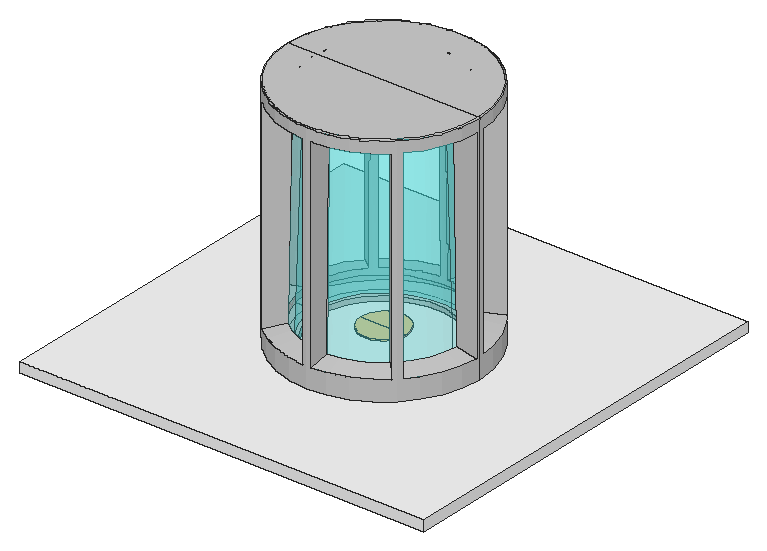
Revit family "BE_84683_de_DE", category Leuchten, Revit 2020
Family settings
  Basisbauteil = Fläche
  Bemaßung runder Anschluss = Durchmesser verwenden
  Teiletyp = Normal
  Beim Laden mit Abzugskörper schneiden = Ja
  Lichtquelle = Ja
  Gemeinsam genutzt = Nein
  Raumberechnungspunkt = Ja
Parameters (values of type "BEGA_84683_Silber_K4")
  built-in parameter 1150104 = 10.208 (stored number, unit not read)
  Wattage = 24.3 W
  Default Elevation = 0 mm
  built-in parameter 1150113 = 1 (stored number, unit not read)
  built-in parameter 1114218 = 1 (stored number, unit not read)
  Umgebungstemperatur = "25 °C"
  URL = "https://www.bega.com/de/produkt/84683"
  Typenkommentare = "© 2022 BEGA. Wir behalten uns das Recht vor, technische Änderungen ohne vorherige Ankündigung vorzunehmen."  # constant formula
  Type Image = 84683.png
  built-in parameter 1150134 = 12
  built-in parameter 1150109 = 1 (stored number, unit not read)
  Strom = ""
  built-in parameter 1150110 = 1 (stored number, unit not read)
  Spannung = 239.996 V
  Sonderanfertigung = no
  Seriennummer [instance] = "Hier können Sie die eindeutige Seriennummer für das Facility Management eintragen."
  Schutzklasse = "I"
  Schutzart = "IP 65"
  Scheinlast = 0 VA
  Produktdatenblatt = "https://cdn.bega.com/bega/products/84683AK4/current/documents/data-sheets/de"
  Oberflächentemperatur = ""
  Notlicht_Leistung = "3 W"
  Neigungswinkel = 0.00°
  Modell = "84683AK4"
  Material_18 = BEGA_Gummi_schwarz
  Material_17 = BEGA_Reflektor
  Material_15 = BEGA_Leuchtmedium_matt
  Material_11 = BEGA_Glas_opal
  Material_09 = BEGA_Glas_klar
  Material_06 = BEGA_Oberfläche_Edelstahl_gebürstet
  Material_03 = BEGA_Oberfläche_Weiss_matt
  Material_02 = BEGA_Oberfläche_Silber_matt
  Material_01 [instance] = BEGA_Oberfläche_Grafit_matt
  M_W = no
  M_G = no
  M_A = yes
  Logo = 0
  built-in parameter 1114217 = 1 (stored number, unit not read)
  built-in parameter 1150139 = (empty or 0)
  built-in parameter 1150105 = 212.48 (stored number, unit not read)
  built-in parameter 1150114 = 1 (stored number, unit not read)
  Lumens = 2670.08 lm
  built-in parameter 1150115 = 1 (stored number, unit not read)
  Leuchtenlichtstrom = "1526 lm"
  Leuchtenanzahl = ""
  Lebensdauerkriterien = "L70B50 @ 25 °C = 129000 h"
  Lastklassifizierung = Beleuchtung
  built-in parameter 1150112 = 1 (stored number, unit not read)
  Lampenlichtstrom = "2835 lm"
  Lampe = "LED 19 W"
  LED_Modulbezeichnung = "LED-0382/840"
  built-in parameter 1150142 = (empty or 0)
  Hersteller = "BEGA"  # constant formula
  Halbstreuwinkel = ""
  Gewicht = "4.7 kg"
  Gebrauchslageneinschränkung [instance] = ""
  Frequenz = "0/50-60 Hz"
  Farbwiedergabeindex = "CRI > 80"
  Farbtemperaturverschiebung bei Dämpfen der Lampe = <Keine Auswahl>
  Farbtemperatur = "4000 K"
  Color Filter = 16777215
  built-in parameter 1150133 = 10 (stored number, unit not read)
  Energieeffizienzklasse = "LED A++ - A"
  built-in parameter 1150137 = (empty or 0)
  built-in parameter 1150132 = (empty or 0)
  ENEC = "ja"
  Dimmbar [instance] = "DALI"
  Datei für fotometrisches Netz = "BE_84683K4.IES"
  CE_Konformität = "ja"
  Bestellnummer = "84683AK4"
  Beschreibung_Sonderanfertigung = "Hier können Sie Informationen zur Sonderanfertigung eintragen."
  Beschreibung = "Pollerleuchtenkopf"
  built-in parameter 1150106 = 2.1248 (stored number, unit not read)
  Befestigungsbohrung = ""
  Befestigungsabstand = ""
  Ballwurfsicher = ""
  BEGA_Intern_aus = yes
  BEGA_Intern_an = yes
  BEGA_Intern_Konstruktion = yes
  BEGA_Intern = yes
  BEGA_IES = yes
  BEGA_Dummy = no
  Anschlussleitung = "1.4 m X05BQ-F 5 G 1 mm²"
  Anschlussleistung [instance] = "19.5 W"
  Anschlusskasten = ""
  built-in parameter 1150107 = 4000 (stored number, unit not read)
  built-in parameter 1150102 = (empty or 0)
  built-in parameter 1150138 = (empty or 0)
  Aktualisierung = "2022-05-19T04:00:07"
  Abstand_zur_angestrahlten_Fläche [instance] = ""
  AC/DC = "AC/DC"
Types (4, lengths in mm): name | built-in parameter 1150104 | built-in parameter 1150134 | Modell | M_G | M_A | built-in parameter 1150105 | Lumens | Leuchtenlichtstrom | Lampenlichtstrom | LED_Modulbezeichnung | Farbtemperatur | Datei für fotometrisches Netz | Bestellnummer | built-in parameter 1150106 | built-in parameter 1150107
  BEGA_84683_Silber_K3 | 9.6536 (stored number, unit not read) | (empty or 0) | "84683AK3" | no | yes | 200.93 (stored number, unit not read) | 2525.01 lm | "1508 lm" | "2795 lm" | "LED-0382/830" | "3000 K" | "BE_84683K3.IES" | "84683AK3" | 2.0093 (stored number, unit not read) | 3000 (stored number, unit not read)
  BEGA_84683_Grafit_K3 | 9.6536 (stored number, unit not read) | (empty or 0) | "84683K3" | yes | no | 200.93 (stored number, unit not read) | 2525.01 lm | "1508 lm" | "2795 lm" | "LED-0382/830" | "3000 K" | "BE_84683K3.IES" | "84683K3" | 2.0093 (stored number, unit not read) | 3000 (stored number, unit not read)
  BEGA_84683_Silber_K4 | 10.208 (stored number, unit not read) | 12 | "84683AK4" | no | yes | 212.48 (stored number, unit not read) | 2670.08 lm | "1526 lm" | "2835 lm" | "LED-0382/840" | "4000 K" | "BE_84683K4.IES" | "84683AK4" | 2.1248 (stored number, unit not read) | 4000 (stored number, unit not read)
  BEGA_84683_Grafit_K4 | 10.208 (stored number, unit not read) | 12 | "84683K4" | yes | no | 212.48 (stored number, unit not read) | 2670.08 lm | "1526 lm" | "2835 lm" | "LED-0382/840" | "4000 K" | "BE_84683K4.IES" | "84683K4" | 2.1248 (stored number, unit not read) | 4000 (stored number, unit not read)
Reference planes
  plane 1 "Mitte (Vorne/Hinten)": y = 0
  plane 2: z = 0
  plane 3 "Mitte (Links/Rechts)": x = 0
  plane 4 "Links": x = -95
  plane 5 "Rechts": x = 95
  plane 6 "Unten": y = -95
  plane 7 "Oben": y = 95
  plane 8 "Vorne": z = 232
  plane 9 "Hinten": z = -135.769
Forms (mm)
  Extrusion 1, solid, material "BEGA_Platte_Weiss"
    sketch origin (0, -1119.2, 0) x (1, 0, 0) y (0, 1, 0)
      loop
        line (-200, 1319.2) -> (-200, 919.2) -> (200, 919.2) -> (200, 1319.2) -> (-200, 1319.2)
    from 0 to -10
  Extrusion 2, solid, material "BEGA_Dummy_matt", visible <- "BEGA_Dummy"
    sketch origin (77.149, -76.023, 0) x (1, 0, 0) y (0, 1, 0)
      loop
        circle (-77.149, 76.023) r 95
    from 0 to 232
Dimensions and locks
  plane 1 "Mitte (Vorne/Hinten)" to Extrusion 1 = 200 mm
  aligned and locked: plane 2 to Extrusion 1
  aligned and locked: level to Extrusion 1
Nested families
  nested 1: "BE_84683" at (0, 0, 0), type "BE_84683"
Connectors
  electrical at (0, 0, 0), driven by "Lastklassifizierung", driven by "Spannung", driven by "Scheinlast"
    settings: index 1, voltage 239.996 V, apparent load 0 VA, apparent load phase1 0 VA, apparent load phase2 0 VA, apparent load phase3 0 VA, power factor 1, load classification "Beleuchtung", number of poles 1, system type 31, power factor state 1, is connector primary yes, connector utility no, sub classification motor no, connector description ""
Definition of nested family "BE_84683"
  Parameters (values of type "BE_84683")
    Default Elevation = 1 mm
    URL = "http://www.bega.de/de/produkt"
    Type Comments = "© 2015 BEGA. Wir behalten uns das Recht vor, technische Änderungen ohne vorherige Ankündigung vorzunehmen. "  # constant formula
    Type Image = (empty or 0)
    Material_18 = none
    Material_17 = none
    Material_15 = none
    Material_11 = none
    Material_09 = none
    Material_06 = none
    Material_03 = none
    Material_02 = none
    Material_01 = none
    M_W = yes
    M_G = yes
    M_A = yes
    Länge_Platte = 200 mm  # constant formula
    Höhe_Platte = -10 mm  # constant formula
    Manufacturer = "BEGA"  # constant formula
    Breite_Platte = 200 mm  # constant formula
  Reference planes
    plane 1 "Mitte (Oben/Unten)": y = 0
    plane 2: z = 0
    plane 3 "Mitte (Links/Rechts)": x = 0
    plane 4: x = -95
    plane 5: z = 232
    plane 6: x = 95
    plane 7: z = -135.769
    plane 8: y = -95
    plane 9: y = 95
  Forms (mm)
    Extrusion 1, solid, detail levels medium
      sketch origin (0, 0, 0) x (1, 0, 0) y (0, 1, 0)
        loop
          line (-100, 100) -> (-100, -100) -> (100, -100) -> (100, 100) -> (-100, 100)
      from 0 to -10 <- "Höhe_Platte"
    Revolve 2, solid, material <- "Material_01", visible <- "M_G", detail levels medium+fine
      sketch origin (0, 0, 0) x (1, 0, 0) y (0, 0, 1)
        loop
          line (-92.2, 0) -> (-91.589, 17.5) -> (-75.024, 17.5) -> (-71.365, 226.627)
          arc (-71.365, 226.627) -> (-70.637, 227.621) -> (-69.466, 228) r 2
          line (-69.466, 228) -> (0, 228) -> (0, 232) -> (-94, 232)
          arc (-94, 232) -> (-94.707, 231.707) -> (-95, 231) r 1
          line (-95, 231) -> (-95, 0) -> (-92.2, 0)
        axis (0, 232) -> (0, 0)
      angle from 0 to 360
    Revolve 3, void
      sketch origin (0, 0, 0) x (1, 0, 0) y (0, 0, 1)
        loop
          line (62.654, 214.296) -> (62.654, 25.704) -> (98.435, 19.394) -> (98.435, 220.606) -> (62.654, 214.296)
        axis (0, 220.606) -> (0, 19.394)
      angle from 2.5 to 42.5
    Revolve 4, void
      sketch origin (0, 0, 0) x (0.707107, -0.707107, 0) y (0, 0, 1)
        loop
          line (62.654, 214.296) -> (62.654, 25.704) -> (98.435, 19.394) -> (98.435, 220.606) -> (62.654, 214.296)
        axis (0, 220.606) -> (0, 19.394)
      angle from 2.5 to 42.5
    Revolve 5, void
      sketch origin (0, 0, 0) x (0.707107, 0.707107, 0) y (0, 0, 1)
        loop
          line (62.654, 214.296) -> (62.654, 25.704) -> (98.435, 19.394) -> (98.435, 220.606) -> (62.654, 214.296)
        axis (0, 220.606) -> (0, 19.394)
      angle from 2.5 to 42.5
    Revolve 6, void
      sketch origin (0, 0, 0) x (0, 1, 0) y (0, 0, 1)
        loop
          line (62.654, 214.296) -> (62.654, 25.704) -> (98.435, 19.394) -> (98.435, 220.606) -> (62.654, 214.296)
        axis (0, 220.606) -> (0, 19.394)
      angle from 2.5 to 42.5
    Revolve 7, void
      sketch origin (0, 0, 0) x (-0.707107, 0.707107, 0) y (0, 0, 1)
        loop
          line (62.654, 214.296) -> (62.654, 25.704) -> (98.435, 19.394) -> (98.435, 220.606) -> (62.654, 214.296)
        axis (0, 220.606) -> (0, 19.394)
      angle from 2.5 to 42.5
    Revolve 8, void
      sketch origin (0, 0, 0) x (-1, 0, 0) y (0, 0, 1)
        loop
          line (62.654, 214.296) -> (62.654, 25.704) -> (98.435, 19.394) -> (98.435, 220.606) -> (62.654, 214.296)
        axis (0, 220.606) -> (0, 19.394)
      angle from 2.5 to 42.5
    Revolve 9, void
      sketch origin (0, 0, 0) x (-0.707107, -0.707107, 0) y (0, 0, 1)
        loop
          line (62.654, 214.296) -> (62.654, 25.704) -> (98.435, 19.394) -> (98.435, 220.606) -> (62.654, 214.296)
        axis (0, 220.606) -> (0, 19.394)
      angle from 2.5 to 42.5
    Revolve 10, void
      sketch origin (0, 0, 0) x (0, -1, 0) y (0, 0, 1)
        loop
          line (62.654, 214.296) -> (62.654, 25.704) -> (98.435, 19.394) -> (98.435, 220.606) -> (62.654, 214.296)
        axis (0, 220.606) -> (0, 19.394)
      angle from 2.5 to 42.5
    Revolve 11, solid, material <- "Material_01", visible <- "M_G", detail levels medium+fine
      sketch origin (0, 0, 0) x (1, 0, 0) y (0, 0, 1)
        loop
          line (-91.36, 4) -> (-91.364, 0.1) -> (-88.679, 0.1) -> (-87.258, -8) -> (-82.5, -8) -> (-82.5, -27.641) -> (-85.4, -30.541) -> (-85.4, -33) -> (-67.894, -33) -> (-67.555, -42.729) -> (-63.367, -45) -> (-43.297, -45) -> (-43, -53.5) -> (0, -53.5) -> (0, -34) -> (-64.198, -34) -> (-65.525, 4) -> (-91.36, 4)
        axis (0, -53.5) -> (0, 4)
      angle from 0 to 360
    Revolve 12, solid, material <- "Material_01", visible <- "M_G", detail levels medium+fine
      sketch origin (0, 0, 0) x (1, 0, 0) y (0, 0, 1)
        loop
          line (-43, -57.5) -> (-29.3, -57.5) -> (-28.596, -97.844)
          arc (-28.596, -97.844) -> (-27.848, -99.583) -> (-26.096, -100.3) r 2.5
          line (-26.096, -100.3) -> (-13.587, -100.3) -> (-13.5, -105.3) -> (0, -105.3) -> (0, -98.581) -> (-24.749, -98.5)
          arc (-24.749, -98.5) -> (-26.151, -97.926) -> (-26.749, -96.535) r 2
          line (-26.749, -96.535) -> (-27.5, -53.5) -> (-43.07, -53.5) -> (-43, -57.5)
        axis (0, -105.3) -> (0, -53.5)
      angle from 0 to 360
    Revolve 13, solid, material <- "Material_01", detail levels medium+fine
      sketch origin (0, 0, 0) x (1, 0, 0) y (0, 0, 1)
        loop
          line (-11.23, -105.3) -> (-11.23, -106.5) -> (-13.485, -106.5) -> (-13.485, -110.2) -> (-12.298, -110.2) -> (-12.298, -111.5) -> (-9.212, -111.5) -> (-9.212, -117.669) -> (-13.867, -117.669) -> (-13.867, -128.501) -> (-11.6, -129.669) -> (-11.6, -130.769)
          arc (-11.6, -130.769) -> (-10.136, -134.304) -> (-6.6, -135.769) r 5
          line (-6.6, -135.769) -> (0, -135.769) -> (0, -105.3) -> (-11.23, -105.3)
        axis (0, -105.3) -> (0, -135.769)
      angle from 0 to 360
    Revolve 14, solid, material <- "Material_09", detail levels medium+fine
      sketch origin (0, 0, 0) x (1, 0, 0) y (0, 0, 1)
        loop
          line (62.536, 205.666) -> (68.874, 3.974) -> (74.772, 3.974) -> (69.79, 223.542)
          arc (69.79, 223.542) -> (68.887, 225.62) -> (66.79, 226.474) r 3
          line (66.79, 226.474) -> (0, 226.474) -> (0, 211.474) -> (56.544, 211.474)
          arc (56.544, 211.474) -> (60.715, 209.783) -> (62.536, 205.666) r 6
        axis (0, 226.474) -> (0, 3.974)
      angle from 0 to 360
    Revolve 15, solid, material <- "Material_02", visible <- "M_A", detail levels medium+fine
      sketch origin (0, 0, 0) x (1, 0, 0) y (0, 0, 1)
        loop
          line (-91.36, 4) -> (-91.364, 0.1) -> (-88.679, 0.1) -> (-87.258, -8) -> (-82.5, -8) -> (-82.5, -27.641) -> (-85.4, -30.541) -> (-85.4, -33) -> (-67.894, -33) -> (-67.555, -42.729) -> (-63.367, -45) -> (-43.297, -45) -> (-43, -53.5) -> (0, -53.5) -> (0, -34) -> (-64.198, -34) -> (-65.525, 4) -> (-91.36, 4)
        axis (0, -53.5) -> (0, 4)
      angle from 0 to 360
    Revolve 16, solid, material <- "Material_02", visible <- "M_A", detail levels medium+fine
      sketch origin (0, 0, 0) x (1, 0, 0) y (0, 0, 1)
        loop
          line (-43, -57.5) -> (-29.3, -57.5) -> (-28.596, -97.844)
          arc (-28.596, -97.844) -> (-27.848, -99.583) -> (-26.096, -100.3) r 2.5
          line (-26.096, -100.3) -> (-13.587, -100.3) -> (-13.5, -105.3) -> (0, -105.3) -> (0, -98.581) -> (-24.749, -98.5)
          arc (-24.749, -98.5) -> (-26.151, -97.926) -> (-26.749, -96.535) r 2
          line (-26.749, -96.535) -> (-27.5, -53.5) -> (-43.07, -53.5) -> (-43, -57.5)
        axis (0, -105.3) -> (0, -53.5)
      angle from 0 to 360
    Revolve 17, solid, material <- "Material_02", visible <- "M_A", detail levels medium+fine
      sketch origin (0, 0, 0) x (1, 0, 0) y (0, 0, 1)
        loop
          line (-92.2, 0) -> (-91.589, 17.5) -> (-75.024, 17.5) -> (-71.365, 226.627)
          arc (-71.365, 226.627) -> (-70.637, 227.621) -> (-69.466, 228) r 2
          line (-69.466, 228) -> (0, 228) -> (0, 232) -> (-94, 232)
          arc (-94, 232) -> (-94.707, 231.707) -> (-95, 231) r 1
          line (-95, 231) -> (-95, 0) -> (-92.2, 0)
        axis (0, 232) -> (0, 0)
      angle from 0 to 360
    Revolve 18, solid, material <- "Material_15", detail levels medium+fine
      sketch origin (0, 0, 0) x (1, 0, 0) y (0, 0, 1)
        loop
          line (-22.736, 14.4) -> (-22.736, 13.564) -> (0, 13.564) -> (0, 14.4) -> (-22.736, 14.4)
        axis (0, 14.4) -> (0, 13.4)
      angle from 0 to 360
  Cuts and joins
    Revolve 3, Revolve 4, Revolve 5, Revolve 6, Revolve 7, Revolve 8, Revolve 9, Revolve 10 cuts Revolve 2
    Revolve 3, Revolve 4, Revolve 5, Revolve 6, Revolve 7, Revolve 8, Revolve 9, Revolve 10 cuts Revolve 17
  Dimensions and locks
    equal spacing: Extrusion 1 sketch curve, plane 3 "Mitte (Links/Rechts)", Extrusion 1 sketch curve
    equal spacing: Extrusion 1 sketch curve, plane 1 "Mitte (Oben/Unten)", Extrusion 1 sketch curve
    "Länge_Platte": Extrusion 1 sketch curve to Extrusion 1 sketch curve
    "Breite_Platte": Extrusion 1 sketch curve to Extrusion 1 sketch curve
    aligned and locked: Extrusion 1 to plane 2
    aligned and locked: level to Extrusion 1
  Automatic sketch dimensions
    Revolve 2 sketch curve to level = 0 mm
    Revolve 2 sketch curve to plane 3 "Mitte (Links/Rechts)" = 0 mm  (x2)
    Revolve 2 sketch curve to plane 3 "Mitte (Links/Rechts)" = 69.466 mm
    Revolve 2 sketch curve to Revolve 2 sketch curve = 1.899 mm
    Revolve 2 sketch curve to plane 3 "Mitte (Links/Rechts)" = 91.589 mm
    Revolve 2 sketch curve to Revolve 2 sketch curve = 0.611 mm
    Revolve 2 sketch curve to Revolve 2 sketch curve = 22.635 mm
    Revolve 2 sketch curve to Revolve 2 sketch curve = 1 mm
    Revolve 2 sketch curve to Revolve 2 sketch curve = 208.5 mm
    Revolve 2 sketch curve to Revolve 2 sketch curve = 0.627 mm
    Revolve 2 sketch curve to Revolve 2 sketch curve = 0 mm  (x5)
    Revolve 2 sketch curve to Revolve 2 sketch curve = 4.373 mm
    level to Revolve 2 sketch curve = 17.5 mm
    Revolve 2 sketch curve to Revolve 2 sketch curve = 16.565 mm
    Revolve 3 sketch curve to Revolve 3 sketch curve = 35.782 mm
    Revolve 3 sketch curve to Revolve 3 sketch curve = 188.593 mm
    Revolve 3 sketch curve to Revolve 3 sketch curve = 6.309 mm  (x2)
    Revolve 3 sketch curve to Revolve 3 sketch curve = 84.296 mm
    Revolve 3 sketch curve to Revolve 3 sketch curve = 35 mm
    Revolve 3 sketch curve to Revolve 3 sketch curve = 62.654 mm
    Revolve 4 sketch curve to Revolve 4 sketch curve = 35.782 mm
    Revolve 4 sketch curve to Revolve 4 sketch curve = 188.593 mm
    Revolve 4 sketch curve to Revolve 4 sketch curve = 6.309 mm  (x2)
    Revolve 4 sketch curve to Revolve 4 sketch curve = 84.296 mm
    Revolve 4 sketch curve to Revolve 4 sketch curve = 35 mm
    Revolve 4 sketch curve to Revolve 4 sketch curve = 62.654 mm
    Revolve 5 sketch curve to Revolve 5 sketch curve = 35.782 mm
    Revolve 5 sketch curve to Revolve 5 sketch curve = 188.593 mm
    Revolve 5 sketch curve to Revolve 5 sketch curve = 6.309 mm  (x2)
    Revolve 5 sketch curve to Revolve 5 sketch curve = 84.296 mm
    Revolve 5 sketch curve to Revolve 5 sketch curve = 35 mm
    Revolve 5 sketch curve to Revolve 5 sketch curve = 62.654 mm
    Revolve 6 sketch curve to Revolve 6 sketch curve = 35.782 mm
    Revolve 6 sketch curve to Revolve 6 sketch curve = 188.593 mm
    Revolve 6 sketch curve to Revolve 6 sketch curve = 6.309 mm  (x2)
    Revolve 6 sketch curve to Revolve 6 sketch curve = 84.296 mm
    Revolve 6 sketch curve to Revolve 6 sketch curve = 35 mm
    Revolve 6 sketch curve to Revolve 6 sketch curve = 62.654 mm
    Revolve 7 sketch curve to Revolve 7 sketch curve = 35.782 mm
    Revolve 7 sketch curve to Revolve 7 sketch curve = 188.593 mm
    Revolve 7 sketch curve to Revolve 7 sketch curve = 6.309 mm  (x2)
    Revolve 7 sketch curve to Revolve 7 sketch curve = 84.296 mm
    Revolve 7 sketch curve to Revolve 7 sketch curve = 35 mm
    Revolve 7 sketch curve to Revolve 7 sketch curve = 62.654 mm
    Revolve 8 sketch curve to Revolve 8 sketch curve = 35.782 mm
    Revolve 8 sketch curve to Revolve 8 sketch curve = 188.593 mm
    Revolve 8 sketch curve to Revolve 8 sketch curve = 6.309 mm  (x2)
    Revolve 8 sketch curve to Revolve 8 sketch curve = 84.296 mm
    Revolve 8 sketch curve to Revolve 8 sketch curve = 35 mm
    Revolve 8 sketch curve to Revolve 8 sketch curve = 62.654 mm
    Revolve 9 sketch curve to Revolve 9 sketch curve = 35.782 mm
    Revolve 9 sketch curve to Revolve 9 sketch curve = 188.593 mm
    Revolve 9 sketch curve to Revolve 9 sketch curve = 6.309 mm  (x2)
    Revolve 9 sketch curve to Revolve 9 sketch curve = 84.296 mm
    Revolve 9 sketch curve to Revolve 9 sketch curve = 35 mm
    Revolve 9 sketch curve to Revolve 9 sketch curve = 62.654 mm
    Revolve 10 sketch curve to Revolve 10 sketch curve = 35.782 mm
    Revolve 10 sketch curve to Revolve 10 sketch curve = 188.593 mm
    Revolve 10 sketch curve to Revolve 10 sketch curve = 6.309 mm  (x2)
    Revolve 10 sketch curve to Revolve 10 sketch curve = 84.296 mm
    Revolve 10 sketch curve to Revolve 10 sketch curve = 35 mm
    Revolve 10 sketch curve to Revolve 10 sketch curve = 62.654 mm
    Revolve 3 sketch curve to plane 3 "Mitte (Links/Rechts)" = 0 mm
    level to Revolve 3 sketch curve = 19.394 mm
    level to Revolve 4 sketch curve = 25.704 mm
    level to Revolve 5 sketch curve = 25.704 mm
    Revolve 6 sketch curve to plane 1 "Mitte (Oben/Unten)" = 0 mm
    level to Revolve 6 sketch curve = 19.394 mm
    level to Revolve 7 sketch curve = 25.704 mm
    Revolve 8 sketch curve to plane 3 "Mitte (Links/Rechts)" = 0 mm
    level to Revolve 8 sketch curve = 19.394 mm
    level to Revolve 9 sketch curve = 25.704 mm
    Revolve 10 sketch curve to plane 1 "Mitte (Oben/Unten)" = 0 mm
    level to Revolve 10 sketch curve = 19.394 mm
    Revolve 11 sketch curve to plane 3 "Mitte (Links/Rechts)" = 0 mm  (x2)
    Revolve 11 sketch curve to plane 3 "Mitte (Links/Rechts)" = 43 mm
    Revolve 11 sketch curve to Revolve 11 sketch curve = 0.297 mm
    Revolve 11 sketch curve to Revolve 11 sketch curve = 20.07 mm
    level to Revolve 11 sketch curve = 4 mm
    Revolve 11 sketch curve to Revolve 11 sketch curve = 2.159 mm
    Revolve 11 sketch curve to Revolve 11 sketch curve = 4.188 mm
    Revolve 11 sketch curve to level = 33 mm
    Revolve 11 sketch curve to Revolve 11 sketch curve = 0.34 mm
    Revolve 11 sketch curve to Revolve 11 sketch curve = 14.606 mm
    Revolve 11 sketch curve to Revolve 11 sketch curve = 2.9 mm  (x2)
    Revolve 11 sketch curve to Revolve 11 sketch curve = 4.758 mm
    level to Revolve 11 sketch curve = 0.1 mm
    Revolve 11 sketch curve to Revolve 11 sketch curve = 1.421 mm
    Revolve 11 sketch curve to Revolve 11 sketch curve = 2.681 mm
    Revolve 11 sketch curve to Revolve 11 sketch curve = 2.685 mm
    Revolve 11 sketch curve to level = 34 mm
    Revolve 11 sketch curve to Revolve 11 sketch curve = 8.729 mm
    Revolve 11 sketch curve to Revolve 11 sketch curve = 11 mm
    Revolve 11 sketch curve to Revolve 11 sketch curve = 2.271 mm
    Revolve 11 sketch curve to Revolve 11 sketch curve = 19.5 mm
    Revolve 11 sketch curve to Revolve 11 sketch curve = 2.459 mm
    Revolve 11 sketch curve to level = 8 mm
    Revolve 11 sketch curve to Revolve 11 sketch curve = 3.696 mm
    Revolve 11 sketch curve to Revolve 11 sketch curve = 5 mm
    Revolve 11 sketch curve to level = 14 mm
    Revolve 12 sketch curve to plane 3 "Mitte (Links/Rechts)" = 0 mm  (x2)
    Revolve 12 sketch curve to plane 3 "Mitte (Links/Rechts)" = 13.5 mm
    Revolve 12 sketch curve to Revolve 12 sketch curve = 0.087 mm
    Revolve 12 sketch curve to Revolve 12 sketch curve = 11.162 mm
    Revolve 12 sketch curve to Revolve 12 sketch curve = 0 mm  (x7)
    Revolve 12 sketch curve to Revolve 12 sketch curve = 1.347 mm  (x2)
    Revolve 12 sketch curve to plane 3 "Mitte (Links/Rechts)" = 27.5 mm
    Revolve 12 sketch curve to Revolve 12 sketch curve = 1.8 mm  (x2)
    Revolve 12 sketch curve to Revolve 12 sketch curve = 13.7 mm
    Revolve 12 sketch curve to Revolve 12 sketch curve = 0.07 mm
    Revolve 12 sketch curve to level = 105.3 mm
    Revolve 12 sketch curve to Revolve 12 sketch curve = 5 mm
    Revolve 12 sketch curve to Revolve 12 sketch curve = 6.719 mm
    Revolve 12 sketch curve to Revolve 12 sketch curve = 0.7 mm
    Revolve 12 sketch curve to Revolve 12 sketch curve = 1.3 mm
    Revolve 12 sketch curve to Revolve 12 sketch curve = 39 mm
    Revolve 12 sketch curve to Revolve 12 sketch curve = 4 mm
    Revolve 12 sketch curve to Revolve 12 sketch curve = 0.653 mm
    Revolve 12 sketch curve to Revolve 12 sketch curve = 1.847 mm
    Revolve 12 sketch curve to Revolve 12 sketch curve = 2.513 mm
    Revolve 12 sketch curve to Revolve 12 sketch curve = 7.01 mm
    Revolve 13 sketch curve to plane 3 "Mitte (Links/Rechts)" = 0 mm  (x2)
    Revolve 13 sketch curve to plane 3 "Mitte (Links/Rechts)" = 6.6 mm
    Revolve 13 sketch curve to plane 3 "Mitte (Links/Rechts)" = 9.212 mm
    Revolve 13 sketch curve to Revolve 13 sketch curve = 2.017 mm
    Revolve 13 sketch curve to Revolve 13 sketch curve = 5 mm
    Revolve 13 sketch curve to Revolve 13 sketch curve = 3.085 mm
    Revolve 13 sketch curve to Revolve 13 sketch curve = 2.255 mm
    Revolve 13 sketch curve to Revolve 13 sketch curve = 4.655 mm
    Revolve 13 sketch curve to level = 135.769 mm
    Revolve 13 sketch curve to Revolve 13 sketch curve = 1.1 mm
    Revolve 13 sketch curve to Revolve 13 sketch curve = 1.168 mm
    Revolve 13 sketch curve to Revolve 13 sketch curve = 10.832 mm
    Revolve 13 sketch curve to Revolve 13 sketch curve = 6.169 mm
    Revolve 13 sketch curve to Revolve 13 sketch curve = 1.3 mm
    Revolve 13 sketch curve to Revolve 13 sketch curve = 3.7 mm
    Revolve 13 sketch curve to Revolve 13 sketch curve = 1.2 mm
    Revolve 13 sketch curve to Revolve 13 sketch curve = 0.127 mm
    Revolve 13 sketch curve to Revolve 13 sketch curve = 0 mm
    Revolve 14 sketch curve to plane 3 "Mitte (Links/Rechts)" = 0 mm  (x2)
    plane 3 "Mitte (Links/Rechts)" to Revolve 14 sketch curve = 56.539 mm
    Revolve 14 sketch curve to Revolve 14 sketch curve = 0.005 mm
    Revolve 14 sketch curve to Revolve 14 sketch curve = 5.997 mm
    Revolve 14 sketch curve to Revolve 14 sketch curve = 10.247 mm
    level to Revolve 14 sketch curve = 3.974 mm
    plane 3 "Mitte (Links/Rechts)" to Revolve 14 sketch curve = 68.874 mm
    Revolve 14 sketch curve to Revolve 14 sketch curve = 5.898 mm
    Revolve 14 sketch curve to Revolve 14 sketch curve = 201.5 mm
    Revolve 14 sketch curve to Revolve 14 sketch curve = 0.192 mm
    Revolve 14 sketch curve to Revolve 14 sketch curve = 12 mm
    Revolve 14 sketch curve to Revolve 14 sketch curve = 15 mm
    Revolve 14 sketch curve to Revolve 14 sketch curve = 0 mm  (x4)
    Revolve 14 sketch curve to Revolve 14 sketch curve = 2.999 mm
    Revolve 14 sketch curve to Revolve 14 sketch curve = 60 mm
    Revolve 14 sketch curve to Revolve 14 sketch curve = 30 mm
    Revolve 14 sketch curve to Revolve 14 sketch curve = 0.068 mm
    Revolve 15 sketch curve to plane 3 "Mitte (Links/Rechts)" = 0 mm  (x2)
    Revolve 15 sketch curve to plane 3 "Mitte (Links/Rechts)" = 43 mm
    Revolve 15 sketch curve to Revolve 15 sketch curve = 0.297 mm
    Revolve 15 sketch curve to Revolve 15 sketch curve = 20.07 mm
    Revolve 15 sketch curve to Revolve 15 sketch curve = 0.832 mm
    level to Revolve 15 sketch curve = 4 mm
    Revolve 15 sketch curve to Revolve 15 sketch curve = 1.327 mm
    Revolve 15 sketch curve to Revolve 15 sketch curve = 4.188 mm
    Revolve 15 sketch curve to level = 33 mm
    Revolve 15 sketch curve to Revolve 15 sketch curve = 3.696 mm
    Revolve 15 sketch curve to Revolve 15 sketch curve = 14.606 mm
    Revolve 15 sketch curve to Revolve 15 sketch curve = 2.9 mm  (x2)
    Revolve 15 sketch curve to Revolve 15 sketch curve = 4.758 mm
    level to Revolve 15 sketch curve = 0.1 mm
    Revolve 15 sketch curve to Revolve 15 sketch curve = 1.421 mm
    Revolve 15 sketch curve to Revolve 15 sketch curve = 2.681 mm
    Revolve 15 sketch curve to Revolve 15 sketch curve = 2.685 mm
    Revolve 15 sketch curve to level = 34 mm
    Revolve 15 sketch curve to Revolve 15 sketch curve = 8.729 mm
    Revolve 15 sketch curve to Revolve 15 sketch curve = 11 mm
    Revolve 15 sketch curve to Revolve 15 sketch curve = 2.271 mm
    Revolve 15 sketch curve to Revolve 15 sketch curve = 19.5 mm
    Revolve 15 sketch curve to Revolve 15 sketch curve = 2.459 mm
    Revolve 15 sketch curve to level = 8 mm
    Revolve 15 sketch curve to Revolve 15 sketch curve = 5 mm
    Revolve 15 sketch curve to level = 14 mm
    Revolve 16 sketch curve to plane 3 "Mitte (Links/Rechts)" = 0 mm  (x2)
    Revolve 16 sketch curve to plane 3 "Mitte (Links/Rechts)" = 13.5 mm
    Revolve 16 sketch curve to Revolve 16 sketch curve = 0.087 mm
    Revolve 16 sketch curve to Revolve 16 sketch curve = 11.162 mm
    Revolve 16 sketch curve to Revolve 16 sketch curve = 0 mm  (x7)
    Revolve 16 sketch curve to Revolve 16 sketch curve = 1.347 mm  (x2)
    Revolve 16 sketch curve to plane 3 "Mitte (Links/Rechts)" = 27.5 mm
    Revolve 16 sketch curve to Revolve 16 sketch curve = 1.8 mm  (x2)
    Revolve 16 sketch curve to Revolve 16 sketch curve = 13.7 mm
    Revolve 16 sketch curve to Revolve 16 sketch curve = 0.07 mm
    Revolve 16 sketch curve to level = 105.3 mm
    Revolve 16 sketch curve to Revolve 16 sketch curve = 5 mm
    Revolve 16 sketch curve to Revolve 16 sketch curve = 6.719 mm
    Revolve 16 sketch curve to Revolve 16 sketch curve = 0.7 mm
    Revolve 16 sketch curve to Revolve 16 sketch curve = 1.3 mm
    Revolve 16 sketch curve to Revolve 16 sketch curve = 39 mm
    Revolve 16 sketch curve to Revolve 16 sketch curve = 4 mm
    Revolve 16 sketch curve to Revolve 16 sketch curve = 0.653 mm
    Revolve 16 sketch curve to Revolve 16 sketch curve = 1.847 mm
    Revolve 16 sketch curve to Revolve 16 sketch curve = 2.513 mm
    Revolve 16 sketch curve to Revolve 16 sketch curve = 7.01 mm
    Revolve 17 sketch curve to level = 0 mm
    Revolve 17 sketch curve to plane 3 "Mitte (Links/Rechts)" = 0 mm  (x2)
    Revolve 17 sketch curve to plane 3 "Mitte (Links/Rechts)" = 69.466 mm
    Revolve 17 sketch curve to Revolve 17 sketch curve = 1.899 mm
    level to Revolve 17 sketch curve = 17.5 mm
    Revolve 17 sketch curve to plane 3 "Mitte (Links/Rechts)" = 75.024 mm
    Revolve 17 sketch curve to Revolve 17 sketch curve = 16.565 mm
    Revolve 17 sketch curve to Revolve 17 sketch curve = 0.611 mm
    Revolve 17 sketch curve to Revolve 17 sketch curve = 22.635 mm
    Revolve 17 sketch curve to Revolve 17 sketch curve = 1 mm
    Revolve 17 sketch curve to Revolve 17 sketch curve = 208.5 mm
    Revolve 17 sketch curve to Revolve 17 sketch curve = 0.627 mm
    Revolve 17 sketch curve to Revolve 17 sketch curve = 0 mm  (x5)
    Revolve 17 sketch curve to Revolve 17 sketch curve = 4.373 mm
    Revolve 18 sketch curve to plane 3 "Mitte (Links/Rechts)" = 0 mm  (x2)
    Revolve 18 sketch curve to Revolve 18 sketch curve = 22.736 mm
    level to Revolve 18 sketch curve = 13.564 mm
    Revolve 18 sketch curve to Revolve 18 sketch curve = 0.836 mm
    Revolve 18 sketch curve to Revolve 18 sketch curve = 0 mm  (x2)
